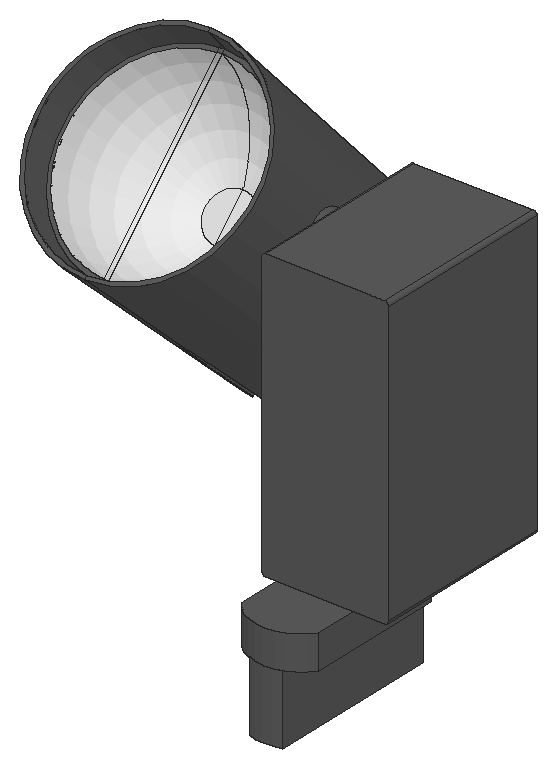
Revit family "0004948 Feilo Sylvania Lighting Fixture START TRACK SPOT S DALI 1352LM 940 WB BLK", category Lighting Fixtures, host Face, Revit 2017
Family settings
  Host = Face
  Round Connector Dimension = Use Diameter
  Part Type = Normal
  OmniClass Number = 23.80.70.00
  OmniClass Title = Lighting
  Cut with Voids When Loaded = No
  Light Source = No
  Shared = No
  Room Calculation Point = No
Parameters (values of type "0004948 START TRACK SPOT S DALI 1352LM 940 WB BLK")
  Weight = "0.94 kg"
  Wattage Comments = ""
  WarrantyStartDate [instance] = "n/a"
  WarrantyGuarantorParts = "n/a"
  WarrantyDurationUnit = "n/a"
  WarrantyDurationParts = "n/a"
  WarrantyDescription = "n/a"
  Voltage = 230 V
  URL = "http://www.sylvania-lighting.com/"
  TypeName = "START TRACK SPOT S DALI 1352LM 940 WB BLK"
  TypeHead_FEILO = Start Track Spot Head : 0004897 START TRACK SPOT S 14W 4K RA90 WB BLACK
  TypeBox_FEILO = Start Track Spot Box : Type Small Black
  Type Image = <None>
  Type Comments = "n/a"
  VerticalRotation_FEILO [instance] = 0.00°
  SlideEndAngle_FEILO [instance] = VerticalRotation_FEILO + 180.00°  # 180.00°
  SerialNumber [instance] = "n/a"
  Material_3_FEILO = none
  PowerFactor = 0.92
  PowerConsumption = "14 W"
  NominalLength = 0 mm
  NominalHeight = 200 mm
  NominalDepth = 140 mm
  Name = "START TRACK SPOT S DALI 1352LM 940 WB BLK"
  ModelReference = Name  # "START TRACK SPOT S DALI 1352LM 940 WB BLK"
  ModelNumber = "0004948"
  Model = Name  # "START TRACK SPOT S DALI 1352LM 940 WB BLK"
  Material = "adc12 aluminium housing, polycarbonate diffuser"
  ManufacturerName = "Feilo Sylvania"
  Manufacturer = "Feilo Sylvania"
  LuminousEfficacy = "97 lm/W"
  LuminaireType = ""
  LightOutputRatio = "100"
  LampsType = Lamp  # "LED"
  LampNominalLuminous = "1352 lm"
  LampMacAdamStep = "3"
  LampColourTemperature = "4000 K"
  LampColourRenderingIndex = "90"
  Lamp = "LED"
  Keynote = "16500"
  InstallationDate [instance] = "n/a"
  InputVoltage = "230-240V~"
  InputNominalFrequency = "50/60 Hz"
  IngressProtection = "IP20"
  ImpactProtectionIndex = "IK02"
  IfcExportType = "IfcLightFixtureType"
  IfcExportAs = "IfcLightFixtureType"
  HorizontalRotation_FEILO [instance] = 45.00°
  ExpectedLife = 50000
  ElectricShockClassification = "Class II"
  DurationUnit = "hours"
  DocumentationLiterature = "http://www.sylvania-lighting.com/product/en-int/products/0004897"
  DimmingControlOptions = "Dimmable"
  Material_2_FEILO = none
  Description = "Integrated LED spotlight, Textured Black - RAL9005, compact and minimalist design, ideal for retail applications, die-cast aluminium body, passive cooling heatsink. Beam angle: 64°, color temperature: 4000K , total system power: 14W, total fixture output: 1352 lm, LOR: 100%, colour rendering: Ra: 90 typical, LED Chromaticity: 3 step MacAdam ellipse, lifetime: >50000 hours at L70B50, energy class: A++, A+, A, IR/UV free light source without heat radiation, operating voltage: 220-240V / 50-60Hz, drive current: 350mA, electronic driver, non-dimmable, power factor: 0.92, electrical protection: Class II, Global Track 3 Phase adapter suitable for Global trac 3-circuit tracks, ingress protection rating: IP20, suitable for internal environment only, horizontal rotation: 355°, vertical tilt: 90°, dimensions: Ø86x140x200, weight: 0.940kg."
  Default Elevation = 1219.2 mm
  CreatedOn = "04/26/2018"
  CreatedBy = ""
  Cost = 0
  built-in parameter 1114216 [instance] = (empty or 0)
  ClassificationValue = "EF_70_80"
  ClassificationName = "Uniclass2015"
  Material_1_FEILO = Body-Sylvania-StartTrackSpot-Black
  BarCode [instance] = "n/a"
  AssetType = "Fixed"
  AssetIdentifier [instance] = "n/a"
  Assembly Code = "D5020200"
  Apparent Load = 14 VA
  Material_4_FEILO = none
Reference planes
  plane 1 "Center (Front/Back)": y = 0
  plane 2: z = 0
  plane 3 "Center (Left/Right)": x = 0
  plane 4: x = 15
  plane 5: x = -15
  plane 6: y = 35
  plane 7: y = -35
  plane 8: z = 13
  plane 9: z = -27
  plane 10: x = 6.5
  plane 11: x = -6.5
  plane 12: y = 27
  plane 13: y = -27
  plane 14: y = 20
Forms (mm)
  Extrusion 1, solid, material "Body-Sylvania-StartTrackSpot-Black" <- "Material_1_FEILO"
    sketch origin (0, 0, 0) x (1, 0, 0) y (0, 1, 0)
      loop
        line (-15, 27) -> (-15, -27)
        arc (-15, -27) -> (0, -35) -> (15, -27) r 18.062
        line (15, -27) -> (15, 27)
        arc (15, 27) -> (0, 35) -> (-15, 27) r 18.062
    from 0 to 13
  Extrusion 2, solid, material "Body-Sylvania-StartTrackSpot-Black" <- "Material_1_FEILO"
    sketch origin (0, 0, 0) x (1, 0, 0) y (0, 1, 0)
      loop
        arc (6.5, 33.79) -> (0, 35) -> (-6.5, 33.79) r 18.062
        line (-6.5, 33.79) -> (-6.5, -33.79)
        arc (-6.5, -33.79) -> (0, -35) -> (6.5, -33.79) r 18.062
        line (6.5, -33.79) -> (6.5, 33.79)
    from 0 to -27
  Revolve 3, solid, not visible
    sketch origin (1524, 20, 1219.2) x (1, 0, 0) y (0, 0, 1)
      loop
        line (-1524, -1206.2) -> (-1524, -1191.285) -> (-1530.5, -1191.285) -> (-1530.5, -1206.2) -> (-1524, -1206.2)
      axis (-1524, -1191.285) -> (-1524, -1206.2)
    angle from 0 <- "VerticalRotation_FEILO" to 180 <- "SlideEndAngle_FEILO"
Cuts and joins
  joined: Extrusion 1, Extrusion 2
Dimensions and locks
  equal spacing: plane 10, plane 3 "Center (Left/Right)", plane 11
  equal spacing: plane 4, plane 3 "Center (Left/Right)", plane 5
  locked: plane 8 to plane 2 at 13
  locked: plane 8 to plane 9 at 40
  equal spacing: plane 13, plane 1 "Center (Front/Back)", plane 12
  locked: plane 12 to plane 6 at 8
  locked: plane 14 to plane 6 at 15
  locked: Revolve 3 sketch curve to plane 8 at 14.915
  aligned and locked: plane 2 to host face
  aligned and locked: level to host face
  aligned and locked: plane 5 to Extrusion 1 sketch curve  (x2)
  aligned and locked: plane 12 to Extrusion 1 sketch curve
  aligned and locked: plane 13 to Extrusion 1 sketch curve
  aligned and locked: plane 4 to Extrusion 1 sketch curve
  aligned and locked: Extrusion 1 to plane 8
  aligned and locked: Extrusion 1 to level
  aligned and locked: Extrusion 2 sketch curve to Extrusion 1  (x2)
  aligned and locked: Extrusion 2 sketch curve to plane 11
  aligned and locked: plane 10 to Extrusion 2 sketch curve
  aligned and locked: plane 9 to Extrusion 2
  aligned and locked: level to Extrusion 2
  aligned and locked: Revolve 3 sketch curve to plane 3 "Center (Left/Right)"  (x2)
  aligned and locked: plane 11 to Revolve 3 sketch curve
  aligned and locked: Revolve 3 sketch curve to plane 8
Automatic sketch dimensions
  host sketch curve to host sketch curve = 2438.4 mm  (x2)
  Extrusion 1 sketch curve to plane 3 "Center (Left/Right)" = 0 mm  (x2)
  Extrusion 1 sketch curve to plane 13 = 10.062 mm
  plane 12 to Extrusion 1 sketch curve = 10.062 mm
  Revolve 3 sketch curve to plane 3 "Center (Left/Right)" = 0 mm
  plane 9 to Revolve 3 sketch curve = 582.6 mm
  Revolve 3 sketch curve to Revolve 3 sketch curve = 2581.144 mm
Nested families
  nested 1: "Start Track Spot Head" at (-62, 20, 112.529) x (0, 0.7071, 0.7071) z (0, 0.7071, -0.7071), type <- "TypeHead_FEILO", type "0004897 START TRACK SPOT S 14W 4K RA90 WB BLACK"
    with built-in parameter 1114216 (empty or 0)
  nested 2: "Start Track Spot Box" at (8.5, 20, 73) x (-1, 0, 0) z (0, -1, 0), BoxStartAngle_FEILO <- "HorizontalRotation_FEILO", type <- "TypeBox_FEILO", type "Type Small Black"
    with BoxStartAngle_FEILO 45.00°, BoxEndAngle_FEILO -135.00°
Connectors
  electrical at (0, 0, 0), driven by "Apparent Load", driven by "PowerFactor", driven by "Voltage"
    settings: index 1, voltage 230 V, apparent load 14 VA, apparent load phase1 0 VA, apparent load phase2 0 VA, apparent load phase3 0 VA, power factor 0.92, load classification "Lighting", number of poles 1, system type 30, power factor state 1, is connector primary yes, connector utility no, sub classification motor no, connector description ""
Definition of nested family "Start Track Spot Head"
  Parameters (values of type "0004811 START TRACK SPOT S 14W 3K RA80 NB WHITE")
    Wattage Comments = "n/a"
    Wattage = 14 W
    built-in parameter 1150110 = 1 (stored number, unit not read)
    URL = "http://www.feilosylvania.com"
    Type Image = (empty or 0)
    Type Comments = "n/a"
    built-in parameter 1114217 = 1 (stored number, unit not read)
    Tilt Angle = -90.00°
    built-in parameter 1150109 = 1 (stored number, unit not read)
    built-in parameter 1150134 = (empty or 0)
    built-in parameter 1150113 = 1 (stored number, unit not read)
    Photometric Web File = "0004811.ies"
    Material_3_FEILO = none
    Model = "START TRACK SPOT S 14W 3K RA80 NB WHITE"
    Manufacturer = "Feilo Sylvania"
    built-in parameter 1150105 = 123.66 (stored number, unit not read)
    Lumens = 1554 lm
    built-in parameter 1150115 = 1 (stored number, unit not read)
    built-in parameter 1150137 = (empty or 0)
    built-in parameter 1150139 = (empty or 0)
    built-in parameter 1150112 = 1 (stored number, unit not read)
    built-in parameter 1150114 = 1 (stored number, unit not read)
    Lamp = "LED"
    Keynote = "16500"
    Material_2_FEILO = none
    built-in parameter 1150132 = (empty or 0)
    built-in parameter 1150102 = (empty or 0)
    built-in parameter 1150107 = 3000 (stored number, unit not read)
    built-in parameter 1150138 = (empty or 0)
    built-in parameter 1150106 = 1.2366 (stored number, unit not read)
    HeadThickness_FEILO = if(HeadDiaOut_FEILO > 112 mm, 2 mm, 1.5 mm)  # 1.5 mm
    HeadRibOffset_FEILO = HeadHeight_FEILO / 28  # 4.179 mm
    HeadRibDepth_FEILO = HeadHeight_FEILO / 2.1  # 55.714 mm
    HeadRibCutWidth_FEILO = HeadDiaOut_FEILO / 12  # 7.167 mm
    HeadRibCutOffset_FEILO = HeadHeight_FEILO / 2.3  # 50.87 mm
    HeadReflectorRadius_FEILO = HeadDiaOut_FEILO / 1.7  # 50.588 mm
    HeadReflectorOffset_FEILO = HeadHeight_FEILO / 2.1  # 55.714 mm
    HeadLEDRadius_FEILO = HeadDiaOut_FEILO / 9  # 9.556 mm
    HeadHeight_FEILO = 117 mm
    HeadDraft_FEILO = 1 mm
    HeadDiffusorThickness_FEILO = 3 mm
    HeadDiffusorOffset_FEILO = HeadHeight_FEILO / 12.4  # 9.435 mm
    HeadDiaOut_FEILO = 86 mm
    HeadDiaIn_FEILO = HeadDiaOut_FEILO / 1.11  # 77.477 mm
    HeadAxisFromTop_FEILO = HeadHeight_FEILO / 1.687  # 69.354 mm
    Emit from Circle Diameter = HeadDiaIn_FEILO  # 77.477 mm
    Emit Shape Visible in Rendering = no
    built-in parameter 1150104 = 10.312 (stored number, unit not read)
    Dimming Lamp Color Temperature Shift = (empty or 0)
    Description = "Integrated LED spotlight, Textured White - RAL9016, compact and minimalist design, ideal for retail applications, die-cast aluminium body, passive cooling heatsink. Beam angle: 12°, color temperature: 3000K , total system power: 14W, total fixture output: 1551 lm, LOR: 100%, colour rendering: Ra: 80 typical, LED Chromaticity: 3 step MacAdam ellipse, lifetime: >50000 hours at L70B50, energy class: A++, A+, A, IR/UV free light source without heat radiation, operating voltage: 220-240V / 50-60Hz, drive current: 350mA, electronic driver, non-dimmable, power factor: 0.92, electrical protection: Class II, Global Track 3 Phase adapter suitable for Global trac 3-circuit tracks, ingress protection rating: IP20, suitable for internal environment only, horizontal rotation: 355°, vertical tilt: 90°, dimensions: Ø86x140x200, weight: 0.940kg."
    Default Elevation = 1219.2 mm
    Cost = 0
    Color Filter = 16777215
    built-in parameter 1114216 [instance] = (empty or 0)
    Material_1_FEILO = none
    built-in parameter 1114218 = 1 (stored number, unit not read)
    built-in parameter 1150133 = 10 (stored number, unit not read)
    Assembly Code = "D5020200"
    Apparent Load = 14 VA
    Material_4_FEILO = none
  Types (96, lengths in mm): name | Wattage | built-in parameter 1150134 | Photometric Web File | Model | built-in parameter 1150105 | Lumens | built-in parameter 1150107 | built-in parameter 1150106 | HeadThickness_FEILO | HeadRibOffset_FEILO | HeadRibDepth_FEILO | HeadRibCutWidth_FEILO | HeadRibCutOffset_FEILO | HeadReflectorRadius_FEILO | HeadReflectorOffset_FEILO | HeadLEDRadius_FEILO | HeadHeight_FEILO | HeadDiffusorOffset_FEILO | HeadDiaOut_FEILO | HeadDiaIn_FEILO | HeadAxisFromTop_FEILO | Emit from Circle Diameter | built-in parameter 1150104 | Description | Apparent Load
    0004906 START TRACK SPOT L 55W 4K RA90 WB BLACK | 55 W | 12 | "0004906.ies" | "START TRACK SPOT L 55W 4K RA90 WB BLACK" | 385.15 (stored number, unit not read) | 4840 lm | 4000 (stored number, unit not read) | 3.8515 (stored number, unit not read) | 2 | 4.429 | 59.048 | 9.417 | 53.913 | 66.471 | 59.048 | 12.556 | 124 | 10 | 113 | 101.802 | 73.503 | 101.802 | 8.1755 (stored number, unit not read) | "Integrated LED spotlight, Textured Black - RAL9005, compact and minimalist design, ideal for retail applications, die-cast aluminium body, passive cooling heatsink. Beam angle: 52°, color temperature: 4000K , total system power: 55W, total fixture output: 4824 lm, LOR: 100%, colour rendering: Ra: 90 typical, LED Chromaticity: 3 step MacAdam ellipse, lifetime: >50000 hours at L70B50, energy class: A++, A+, A, IR/UV free light source without heat radiation, operating voltage: 220-240V / 50-60Hz, drive current: 1400mA, electronic driver, non-dimmable, power factor: 0.96, electrical protection: Class II, Global Track 3 Phase adapter suitable for Global trac 3-circuit tracks, ingress protection rating: IP20, suitable for internal environment only, horizontal rotation: 355°, vertical tilt: 90°, dimensions: Ø113x164x240, weight: 1.398kg." | 55 VA
    0004905 START TRACK SPOT L 55W 4K RA90 MB BLACK | 55 W | 12 | "0004905.ies" | "START TRACK SPOT L 55W 4K RA90 MB BLACK" | 389.53 (stored number, unit not read) | 4895 lm | 4000 (stored number, unit not read) | 3.8953 (stored number, unit not read) | 2 | 4.429 | 59.048 | 9.417 | 53.913 | 66.471 | 59.048 | 12.556 | 124 | 10 | 113 | 101.802 | 73.503 | 101.802 | 8.2684 (stored number, unit not read) | "Integrated LED spotlight, Textured Black - RAL9005, compact and minimalist design, ideal for retail applications, die-cast aluminium body, passive cooling heatsink. Beam angle: 38°, color temperature: 4000K , total system power: 55W, total fixture output: 4897 lm, LOR: 100%, colour rendering: Ra: 90 typical, LED Chromaticity: 3 step MacAdam ellipse, lifetime: >50000 hours at L70B50, energy class: A++, A+, A, IR/UV free light source without heat radiation, operating voltage: 220-240V / 50-60Hz, drive current: 1400mA, electronic driver, non-dimmable, power factor: 0.96, electrical protection: Class II, Global Track 3 Phase adapter suitable for Global trac 3-circuit tracks, ingress protection rating: IP20, suitable for internal environment only, horizontal rotation: 355°, vertical tilt: 90°, dimensions: Ø113x164x240, weight: 1.398kg." | 55 VA
    0004904 START TRACK SPOT L 55W 4K RA90 NB BLACK | 55 W | 12 | "0004904.ies" | "START TRACK SPOT L 55W 4K RA90 NB BLACK" | 393.91 (stored number, unit not read) | 4950 lm | 4000 (stored number, unit not read) | 3.9391 (stored number, unit not read) | 2 | 4.429 | 59.048 | 9.417 | 53.913 | 66.471 | 59.048 | 12.556 | 124 | 10 | 113 | 101.802 | 73.503 | 101.802 | 8.3613 (stored number, unit not read) | "Integrated LED spotlight, Textured Black - RAL9005, compact and minimalist design, ideal for retail applications, die-cast aluminium body, passive cooling heatsink. Beam angle: 15°, color temperature: 4000K , total system power: 55W, total fixture output: 4965 lm, LOR: 100%, colour rendering: Ra: 90 typical, LED Chromaticity: 3 step MacAdam ellipse, lifetime: >50000 hours at L70B50, energy class: A++, A+, A, IR/UV free light source without heat radiation, operating voltage: 220-240V / 50-60Hz, drive current: 1400mA, electronic driver, non-dimmable, power factor: 0.96, electrical protection: Class II, Global Track 3 Phase adapter suitable for Global trac 3-circuit tracks, ingress protection rating: IP20, suitable for internal environment only, horizontal rotation: 355°, vertical tilt: 90°, dimensions: Ø113x164x240, weight: 1.398kg." | 55 VA
    0004903 START TRACK SPOT L 35W 4K RA90 WB BLACK | 35 W | 12 | "0004903.ies" | "START TRACK SPOT L 35W 4K RA90 WB BLACK" | 284.09 (stored number, unit not read) | 3570 lm | 4000 (stored number, unit not read) | 2.8409 (stored number, unit not read) | 2 | 4.429 | 59.048 | 9.417 | 53.913 | 66.471 | 59.048 | 12.556 | 124 | 10 | 113 | 101.802 | 73.503 | 101.802 | 9.4761 (stored number, unit not read) | "Integrated LED spotlight, Textured Black - RAL9005, compact and minimalist design, ideal for retail applications, die-cast aluminium body, passive cooling heatsink. Beam angle: 52°, color temperature: 4000K , total system power: 35W, total fixture output: 3562 lm, LOR: 100%, colour rendering: Ra: 90 typical, LED Chromaticity: 3 step MacAdam ellipse, lifetime: >50000 hours at L70B50, energy class: A++, A+, A, IR/UV free light source without heat radiation, operating voltage: 220-240V / 50-60Hz, drive current: 900mA, electronic driver, non-dimmable, power factor: 0.93, electrical protection: Class II, Global Track 3 Phase adapter suitable for Global trac 3-circuit tracks, ingress protection rating: IP20, suitable for internal environment only, horizontal rotation: 355°, vertical tilt: 90°, dimensions: Ø113x164x240, weight: 1.368kg." | 35 VA
    0004902 START TRACK SPOT L 35W 4K RA90 MB BLACK | 35 W | 12 | "0004902.ies" | "START TRACK SPOT L 35W 4K RA90 MB BLACK" | 286.88 (stored number, unit not read) | 3605 lm | 4000 (stored number, unit not read) | 2.8688 (stored number, unit not read) | 2 | 4.429 | 59.048 | 9.417 | 53.913 | 66.471 | 59.048 | 12.556 | 124 | 10 | 113 | 101.802 | 73.503 | 101.802 | 9.569 (stored number, unit not read) | "Integrated LED spotlight, Textured Black - RAL9005, compact and minimalist design, ideal for retail applications, die-cast aluminium body, passive cooling heatsink. Beam angle: 38°, color temperature: 4000K , total system power: 35W, total fixture output: 3616 lm, LOR: 100%, colour rendering: Ra: 90 typical, LED Chromaticity: 3 step MacAdam ellipse, lifetime: >50000 hours at L70B50, energy class: A++, A+, A, IR/UV free light source without heat radiation, operating voltage: 220-240V / 50-60Hz, drive current: 900mA, electronic driver, non-dimmable, power factor: 0.93, electrical protection: Class II, Global Track 3 Phase adapter suitable for Global trac 3-circuit tracks, ingress protection rating: IP20, suitable for internal environment only, horizontal rotation: 355°, vertical tilt: 90°, dimensions: Ø113x164x240, weight: 1.368kg." | 35 VA
    0004901 START TRACK SPOT L 35W 4K RA90 NB BLACK | 35 W | 12 | "0004901.ies" | "START TRACK SPOT L 35W 4K RA90 NB BLACK" | 286.88 (stored number, unit not read) | 3605 lm | 4000 (stored number, unit not read) | 2.8688 (stored number, unit not read) | 2 | 4.429 | 59.048 | 9.417 | 53.913 | 66.471 | 59.048 | 12.556 | 124 | 10 | 113 | 101.802 | 73.503 | 101.802 | 9.569 (stored number, unit not read) | "Integrated LED spotlight, Textured Black - RAL9005, compact and minimalist design, ideal for retail applications, die-cast aluminium body, passive cooling heatsink. Beam angle: 15°, color temperature: 4000K , total system power: 35W, total fixture output: 3593 lm, LOR: 100%, colour rendering: Ra: 90 typical, LED Chromaticity: 3 step MacAdam ellipse, lifetime: >50000 hours at L70B50, energy class: A++, A+, A, IR/UV free light source without heat radiation, operating voltage: 220-240V / 50-60Hz, drive current: 900mA, electronic driver, non-dimmable, power factor: 0.93, electrical protection: Class II, Global Track 3 Phase adapter suitable for Global trac 3-circuit tracks, ingress protection rating: IP20, suitable for internal environment only, horizontal rotation: 355°, vertical tilt: 90°, dimensions: Ø113x164x240, weight: 1.368kg." | 35 VA
    0004900 START TRACK SPOT S 24W 4K RA90 WB BLACK | 24 W | 12 | "0004900.ies" | "START TRACK SPOT S 24W 4K RA90 WB BLACK" | 166.16 (stored number, unit not read) | 2088 lm | 4000 (stored number, unit not read) | 1.6616 (stored number, unit not read) | 1.5 | 4.179 | 55.714 | 7.167 | 50.87 | 50.588 | 55.714 | 9.556 | 117 | 9.435 | 86 | 77.477 | 69.354 | 77.477 | 8.0826 (stored number, unit not read) | "Integrated LED spotlight, Textured Black - RAL9005, compact and minimalist design, ideal for retail applications, die-cast aluminium body, passive cooling heatsink. Beam angle: 64°, color temperature: 4000K , total system power: 24W, total fixture output: 2087 lm, LOR: 100%, colour rendering: Ra: 90 typical, LED Chromaticity: 3 step MacAdam ellipse, lifetime: >50000 hours at L70B50, energy class: A++, A+, A, IR/UV free light source without heat radiation, operating voltage: 220-240V / 50-60Hz, drive current: 600mA, electronic driver, non-dimmable, power factor: 0.95, electrical protection: Class II, Global Track 3 Phase adapter suitable for Global trac 3-circuit tracks, ingress protection rating: IP20, suitable for internal environment only, horizontal rotation: 355°, vertical tilt: 90°, dimensions: Ø86x140x200, weight: 0.966kg." | 24 VA
    0004899 START TRACK SPOT S 24W 4K RA90 MB BLACK | 24 W | 12 | "0004899.ies" | "START TRACK SPOT S 24W 4K RA90 MB BLACK" | 169.98 (stored number, unit not read) | 2136 lm | 4000 (stored number, unit not read) | 1.6998 (stored number, unit not read) | 1.5 | 4.179 | 55.714 | 7.167 | 50.87 | 50.588 | 55.714 | 9.556 | 117 | 9.435 | 86 | 77.477 | 69.354 | 77.477 | 8.2684 (stored number, unit not read) | "Integrated LED spotlight, Textured Black - RAL9005, compact and minimalist design, ideal for retail applications, die-cast aluminium body, passive cooling heatsink. Beam angle: 36°, color temperature: 4000K , total system power: 24W, total fixture output: 2141 lm, LOR: 100%, colour rendering: Ra: 90 typical, LED Chromaticity: 3 step MacAdam ellipse, lifetime: >50000 hours at L70B50, energy class: A++, A+, A, IR/UV free light source without heat radiation, operating voltage: 220-240V / 50-60Hz, drive current: 600mA, electronic driver, non-dimmable, power factor: 0.95, electrical protection: Class II, Global Track 3 Phase adapter suitable for Global trac 3-circuit tracks, ingress protection rating: IP20, suitable for internal environment only, horizontal rotation: 355°, vertical tilt: 90°, dimensions: Ø86x140x200, weight: 0.966kg." | 24 VA
    0004898 START TRACK SPOT S 24W 4K RA90 NB BLACK | 24 W | 12 | "0004898.ies" | "START TRACK SPOT S 24W 4K RA90 NB BLACK" | 171.89 (stored number, unit not read) | 2160 lm | 4000 (stored number, unit not read) | 1.7189 (stored number, unit not read) | 1.5 | 4.179 | 55.714 | 7.167 | 50.87 | 50.588 | 55.714 | 9.556 | 117 | 9.435 | 86 | 77.477 | 69.354 | 77.477 | 8.3613 (stored number, unit not read) | "Integrated LED spotlight, Textured Black - RAL9005, compact and minimalist design, ideal for retail applications, die-cast aluminium body, passive cooling heatsink. Beam angle: 12°, color temperature: 4000K , total system power: 24W, total fixture output: 2155 lm, LOR: 100%, colour rendering: Ra: 90 typical, LED Chromaticity: 3 step MacAdam ellipse, lifetime: >50000 hours at L70B50, energy class: A++, A+, A, IR/UV free light source without heat radiation, operating voltage: 220-240V / 50-60Hz, drive current: 600mA, electronic driver, non-dimmable, power factor: 0.95, electrical protection: Class II, Global Track 3 Phase adapter suitable for Global trac 3-circuit tracks, ingress protection rating: IP20, suitable for internal environment only, horizontal rotation: 355°, vertical tilt: 90°, dimensions: Ø86x140x200, weight: 0.966kg." | 24 VA
    0004897 START TRACK SPOT S 14W 4K RA90 WB BLACK | 14 W | 12 | "0004897.ies" | "START TRACK SPOT S 14W 4K RA90 WB BLACK" | 108.07 (stored number, unit not read) | 1358 lm | 4000 (stored number, unit not read) | 1.0807 (stored number, unit not read) | 1.5 | 4.179 | 55.714 | 7.167 | 50.87 | 50.588 | 55.714 | 9.556 | 117 | 9.435 | 86 | 77.477 | 69.354 | 77.477 | 9.0116 (stored number, unit not read) | "Integrated LED spotlight, Textured Black - RAL9005, compact and minimalist design, ideal for retail applications, die-cast aluminium body, passive cooling heatsink. Beam angle: 64°, color temperature: 4000K , total system power: 14W, total fixture output: 1352 lm, LOR: 100%, colour rendering: Ra: 90 typical, LED Chromaticity: 3 step MacAdam ellipse, lifetime: >50000 hours at L70B50, energy class: A++, A+, A, IR/UV free light source without heat radiation, operating voltage: 220-240V / 50-60Hz, drive current: 350mA, electronic driver, non-dimmable, power factor: 0.92, electrical protection: Class II, Global Track 3 Phase adapter suitable for Global trac 3-circuit tracks, ingress protection rating: IP20, suitable for internal environment only, horizontal rotation: 355°, vertical tilt: 90°, dimensions: Ø86x140x200, weight: 0.940kg." | 14 VA
    0004896 START TRACK SPOT S 14W 4K RA90 MB BLACK | 14 W | 12 | "0004896.ies" | "START TRACK SPOT S 14W 4K RA90 MB BLACK" | 108.07 (stored number, unit not read) | 1358 lm | 4000 (stored number, unit not read) | 1.0807 (stored number, unit not read) | 1.5 | 4.179 | 55.714 | 7.167 | 50.87 | 50.588 | 55.714 | 9.556 | 117 | 9.435 | 86 | 77.477 | 69.354 | 77.477 | 9.0116 (stored number, unit not read) | "Integrated LED spotlight, Textured Black - RAL9005, compact and minimalist design, ideal for retail applications, die-cast aluminium body, passive cooling heatsink. Beam angle: 36°, color temperature: 4000K , total system power: 14W, total fixture output: 1359 lm, LOR: 100%, colour rendering: Ra: 90 typical, LED Chromaticity: 3 step MacAdam ellipse, lifetime: >50000 hours at L70B50, energy class: A++, A+, A, IR/UV free light source without heat radiation, operating voltage: 220-240V / 50-60Hz, drive current: 350mA, electronic driver, non-dimmable, power factor: 0.92, electrical protection: Class II, Global Track 3 Phase adapter suitable for Global trac 3-circuit tracks, ingress protection rating: IP20, suitable for internal environment only, horizontal rotation: 355°, vertical tilt: 90°, dimensions: Ø86x140x200, weight: 0.940kg." | 14 VA
    0004895 START TRACK SPOT S 14W 4K RA90 NB BLACK | 14 W | 12 | "0004895.ies" | "START TRACK SPOT S 14W 4K RA90 NB BLACK" | 106.95 (stored number, unit not read) | 1344 lm | 4000 (stored number, unit not read) | 1.0695 (stored number, unit not read) | 1.5 | 4.179 | 55.714 | 7.167 | 50.87 | 50.588 | 55.714 | 9.556 | 117 | 9.435 | 86 | 77.477 | 69.354 | 77.477 | 8.9187 (stored number, unit not read) | "Integrated LED spotlight, Textured Black - RAL9005, compact and minimalist design, ideal for retail applications, die-cast aluminium body, passive cooling heatsink. Beam angle: 12°, color temperature: 4000K , total system power: 14W, total fixture output: 1349 lm, LOR: 100%, colour rendering: Ra: 90 typical, LED Chromaticity: 3 step MacAdam ellipse, lifetime: >50000 hours at L70B50, energy class: A++, A+, A, IR/UV free light source without heat radiation, operating voltage: 220-240V / 50-60Hz, drive current: 350mA, electronic driver, non-dimmable, power factor: 0.92, electrical protection: Class II, Global Track 3 Phase adapter suitable for Global trac 3-circuit tracks, ingress protection rating: IP20, suitable for internal environment only, horizontal rotation: 355°, vertical tilt: 90°, dimensions: Ø86x140x200, weight: 0.940kg." | 14 VA
    0004894 START TRACK SPOT L 55W 3K RA90 WB BLACK | 55 W | (empty or 0) | "0004894.ies" | "START TRACK SPOT L 55W 3K RA90 WB BLACK" | 350.14 (stored number, unit not read) | 4400 lm | 3000 (stored number, unit not read) | 3.5014 (stored number, unit not read) | 2 | 4.429 | 59.048 | 9.417 | 53.913 | 66.471 | 59.048 | 12.556 | 124 | 10 | 113 | 101.802 | 73.503 | 101.802 | 7.4322 (stored number, unit not read) | "Integrated LED spotlight, Textured Black - RAL9005, compact and minimalist design, ideal for retail applications, die-cast aluminium body, passive cooling heatsink. Beam angle: 52°, color temperature: 3000K , total system power: 55W, total fixture output: 4405 lm, LOR: 100%, colour rendering: Ra: 90 typical, LED Chromaticity: 3 step MacAdam ellipse, lifetime: >50000 hours at L70B50, energy class: A++, A+, A, IR/UV free light source without heat radiation, operating voltage: 220-240V / 50-60Hz, drive current: 1400mA, electronic driver, non-dimmable, power factor: 0.96, electrical protection: Class II, Global Track 3 Phase adapter suitable for Global trac 3-circuit tracks, ingress protection rating: IP20, suitable for internal environment only, horizontal rotation: 355°, vertical tilt: 90°, dimensions: Ø113x164x240, weight: 1.398kg." | 55 VA
    0004893 START TRACK SPOT L 55W 3K RA90 MB BLACK | 55 W | (empty or 0) | "0004893.ies" | "START TRACK SPOT L 55W 3K RA90 MB BLACK" | 354.52 (stored number, unit not read) | 4455 lm | 3000 (stored number, unit not read) | 3.5452 (stored number, unit not read) | 2 | 4.429 | 59.048 | 9.417 | 53.913 | 66.471 | 59.048 | 12.556 | 124 | 10 | 113 | 101.802 | 73.503 | 101.802 | 7.5251 (stored number, unit not read) | "Integrated LED spotlight, Textured Black - RAL9005, compact and minimalist design, ideal for retail applications, die-cast aluminium body, passive cooling heatsink. Beam angle: 38°, color temperature: 3000K , total system power: 55W, total fixture output: 4448 lm, LOR: 100%, colour rendering: Ra: 90 typical, LED Chromaticity: 3 step MacAdam ellipse, lifetime: >50000 hours at L70B50, energy class: A++, A+, A, IR/UV free light source without heat radiation, operating voltage: 220-240V / 50-60Hz, drive current: 1400mA, electronic driver, non-dimmable, power factor: 0.96, electrical protection: Class II, Global Track 3 Phase adapter suitable for Global trac 3-circuit tracks, ingress protection rating: IP20, suitable for internal environment only, horizontal rotation: 355°, vertical tilt: 90°, dimensions: Ø113x164x240, weight: 1.398kg." | 55 VA
    0004892 START TRACK SPOT L 55W 3K RA90 NB BLACK | 55 W | (empty or 0) | "0004892.ies" | "START TRACK SPOT L 55W 3K RA90 NB BLACK" | 350.14 (stored number, unit not read) | 4400 lm | 3000 (stored number, unit not read) | 3.5014 (stored number, unit not read) | 2 | 4.429 | 59.048 | 9.417 | 53.913 | 66.471 | 59.048 | 12.556 | 124 | 10 | 113 | 101.802 | 73.503 | 101.802 | 7.4322 (stored number, unit not read) | "Integrated LED spotlight, Textured Black - RAL9005, compact and minimalist design, ideal for retail applications, die-cast aluminium body, passive cooling heatsink. Beam angle: 15°, color temperature: 3000K , total system power: 55W, total fixture output: 4416 lm, LOR: 100%, colour rendering: Ra: 90 typical, LED Chromaticity: 3 step MacAdam ellipse, lifetime: >50000 hours at L70B50, energy class: A++, A+, A, IR/UV free light source without heat radiation, operating voltage: 220-240V / 50-60Hz, drive current: 1400mA, electronic driver, non-dimmable, power factor: 0.96, electrical protection: Class II, Global Track 3 Phase adapter suitable for Global trac 3-circuit tracks, ingress protection rating: IP20, suitable for internal environment only, horizontal rotation: 355°, vertical tilt: 90°, dimensions: Ø113x164x240, weight: 1.398kg." | 55 VA
    0004891 START TRACK SPOT L 35W 3K RA90 WB BLACK | 35 W | (empty or 0) | "0004891.ies" | "START TRACK SPOT L 35W 3K RA90 WB BLACK" | 259.02 (stored number, unit not read) | 3255 lm | 3000 (stored number, unit not read) | 2.5902 (stored number, unit not read) | 2 | 4.429 | 59.048 | 9.417 | 53.913 | 66.471 | 59.048 | 12.556 | 124 | 10 | 113 | 101.802 | 73.503 | 101.802 | 8.64 (stored number, unit not read) | "Integrated LED spotlight, Textured Black - RAL9005, compact and minimalist design, ideal for retail applications, die-cast aluminium body, passive cooling heatsink. Beam angle: 52°, color temperature: 3000K , total system power: 35W, total fixture output: 3260 lm, LOR: 100%, colour rendering: Ra: 90 typical, LED Chromaticity: 3 step MacAdam ellipse, lifetime: >50000 hours at L70B50, energy class: A++, A+, A, IR/UV free light source without heat radiation, operating voltage: 220-240V / 50-60Hz, drive current: 900mA, electronic driver, non-dimmable, power factor: 0.93, electrical protection: Class II, Global Track 3 Phase adapter suitable for Global trac 3-circuit tracks, ingress protection rating: IP20, suitable for internal environment only, horizontal rotation: 355°, vertical tilt: 90°, dimensions: Ø113x164x240, weight: 1.368kg." | 35 VA
    0004890 START TRACK SPOT L 35W 3K RA90 MB BLACK | 35 W | (empty or 0) | "0004890.ies" | "START TRACK SPOT L 35W 3K RA90 MB BLACK" | 261.81 (stored number, unit not read) | 3290 lm | 3000 (stored number, unit not read) | 2.6181 (stored number, unit not read) | 2 | 4.429 | 59.048 | 9.417 | 53.913 | 66.471 | 59.048 | 12.556 | 124 | 10 | 113 | 101.802 | 73.503 | 101.802 | 8.7329 (stored number, unit not read) | "Integrated LED spotlight, Textured Black - RAL9005, compact and minimalist design, ideal for retail applications, die-cast aluminium body, passive cooling heatsink. Beam angle: 38°, color temperature: 3000K , total system power: 35W, total fixture output: 3306 lm, LOR: 100%, colour rendering: Ra: 90 typical, LED Chromaticity: 3 step MacAdam ellipse, lifetime: >50000 hours at L70B50, energy class: A++, A+, A, IR/UV free light source without heat radiation, operating voltage: 220-240V / 50-60Hz, drive current: 900mA, electronic driver, non-dimmable, power factor: 0.93, electrical protection: Class II, Global Track 3 Phase adapter suitable for Global trac 3-circuit tracks, ingress protection rating: IP20, suitable for internal environment only, horizontal rotation: 355°, vertical tilt: 90°, dimensions: Ø113x164x240, weight: 1.368kg." | 35 VA
    0004889 START TRACK SPOT L 35W 3K RA90 NB BLACK | 35 W | (empty or 0) | "0004889.ies" | "START TRACK SPOT L 35W 3K RA90 NB BLACK" | 261.81 (stored number, unit not read) | 3290 lm | 3000 (stored number, unit not read) | 2.6181 (stored number, unit not read) | 2 | 4.429 | 59.048 | 9.417 | 53.913 | 66.471 | 59.048 | 12.556 | 124 | 10 | 113 | 101.802 | 73.503 | 101.802 | 8.7329 (stored number, unit not read) | "Integrated LED spotlight, Textured Black - RAL9005, compact and minimalist design, ideal for retail applications, die-cast aluminium body, passive cooling heatsink. Beam angle: 15°, color temperature: 3000K , total system power: 35W, total fixture output: 3287 lm, LOR: 100%, colour rendering: Ra: 90 typical, LED Chromaticity: 3 step MacAdam ellipse, lifetime: >50000 hours at L70B50, energy class: A++, A+, A, IR/UV free light source without heat radiation, operating voltage: 220-240V / 50-60Hz, drive current: 900mA, electronic driver, non-dimmable, power factor: 0.93, electrical protection: Class II, Global Track 3 Phase adapter suitable for Global trac 3-circuit tracks, ingress protection rating: IP20, suitable for internal environment only, horizontal rotation: 355°, vertical tilt: 90°, dimensions: Ø113x164x240, weight: 1.368kg." | 35 VA
    0004888 START TRACK SPOT S 24W 3K RA90 WB BLACK | 24 W | (empty or 0) | "0004888.ies" | "START TRACK SPOT S 24W 3K RA90 WB BLACK" | 152.79 (stored number, unit not read) | 1920 lm | 3000 (stored number, unit not read) | 1.5279 (stored number, unit not read) | 1.5 | 4.179 | 55.714 | 7.167 | 50.87 | 50.588 | 55.714 | 9.556 | 117 | 9.435 | 86 | 77.477 | 69.354 | 77.477 | 7.4322 (stored number, unit not read) | "Integrated LED spotlight, Textured Black - RAL9005, compact and minimalist design, ideal for retail applications, die-cast aluminium body, passive cooling heatsink. Beam angle: 64°, color temperature: 3000K , total system power: 24W, total fixture output: 1928 lm, LOR: 100%, colour rendering: Ra: 90 typical, LED Chromaticity: 3 step MacAdam ellipse, lifetime: >50000 hours at L70B50, energy class: A++, A+, A, IR/UV free light source without heat radiation, operating voltage: 220-240V / 50-60Hz, drive current: 600mA, electronic driver, non-dimmable, power factor: 0.95, electrical protection: Class II, Global Track 3 Phase adapter suitable for Global trac 3-circuit tracks, ingress protection rating: IP20, suitable for internal environment only, horizontal rotation: 355°, vertical tilt: 90°, dimensions: Ø86x140x200, weight: 0.966kg." | 24 VA
    0004887 START TRACK SPOT S 24W 3K RA90 MB BLACK | 24 W | (empty or 0) | "0004887.ies" | "START TRACK SPOT S 24W 3K RA90 MB BLACK" | 154.7 (stored number, unit not read) | 1944 lm | 3000 (stored number, unit not read) | 1.547 (stored number, unit not read) | 1.5 | 4.179 | 55.714 | 7.167 | 50.87 | 50.588 | 55.714 | 9.556 | 117 | 9.435 | 86 | 77.477 | 69.354 | 77.477 | 7.5251 (stored number, unit not read) | "Integrated LED spotlight, Textured Black - RAL9005, compact and minimalist design, ideal for retail applications, die-cast aluminium body, passive cooling heatsink. Beam angle: 36°, color temperature: 3000K , total system power: 24W, total fixture output: 1944 lm, LOR: 100%, colour rendering: Ra: 90 typical, LED Chromaticity: 3 step MacAdam ellipse, lifetime: >50000 hours at L70B50, energy class: A++, A+, A, IR/UV free light source without heat radiation, operating voltage: 220-240V / 50-60Hz, drive current: 600mA, electronic driver, non-dimmable, power factor: 0.95, electrical protection: Class II, Global Track 3 Phase adapter suitable for Global trac 3-circuit tracks, ingress protection rating: IP20, suitable for internal environment only, horizontal rotation: 355°, vertical tilt: 90°, dimensions: Ø86x140x200, weight: 0.966kg." | 24 VA
    0004886 START TRACK SPOT S 24W 3K RA90 NB BLACK | 24 W | (empty or 0) | "0004886.ies" | "START TRACK SPOT S 24W 3K RA90 NB BLACK" | 158.52 (stored number, unit not read) | 1992 lm | 3000 (stored number, unit not read) | 1.5852 (stored number, unit not read) | 1.5 | 4.179 | 55.714 | 7.167 | 50.87 | 50.588 | 55.714 | 9.556 | 117 | 9.435 | 86 | 77.477 | 69.354 | 77.477 | 7.711 (stored number, unit not read) | "Integrated LED spotlight, Textured Black - RAL9005, compact and minimalist design, ideal for retail applications, die-cast aluminium body, passive cooling heatsink. Beam angle: 12°, color temperature: 3000K , total system power: 24W, total fixture output: 1987 lm, LOR: 100%, colour rendering: Ra: 90 typical, LED Chromaticity: 3 step MacAdam ellipse, lifetime: >50000 hours at L70B50, energy class: A++, A+, A, IR/UV free light source without heat radiation, operating voltage: 220-240V / 50-60Hz, drive current: 600mA, electronic driver, non-dimmable, power factor: 0.95, electrical protection: Class II, Global Track 3 Phase adapter suitable for Global trac 3-circuit tracks, ingress protection rating: IP20, suitable for internal environment only, horizontal rotation: 355°, vertical tilt: 90°, dimensions: Ø86x140x200, weight: 0.966kg." | 24 VA
    0004885 START TRACK SPOT S 14W 3K RA90 WB BLACK | 14 W | (empty or 0) | "0004885.ies" | "START TRACK SPOT S 14W 3K RA90 WB BLACK" | 100.27 (stored number, unit not read) | 1260 lm | 3000 (stored number, unit not read) | 1.0027 (stored number, unit not read) | 1.5 | 4.179 | 55.714 | 7.167 | 50.87 | 50.588 | 55.714 | 9.556 | 117 | 9.435 | 86 | 77.477 | 69.354 | 77.477 | 8.3613 (stored number, unit not read) | "Integrated LED spotlight, Textured Black - RAL9005, compact and minimalist design, ideal for retail applications, die-cast aluminium body, passive cooling heatsink. Beam angle: 64°, color temperature: 3000K , total system power: 14W, total fixture output: 1262 lm, LOR: 100%, colour rendering: Ra: 90 typical, LED Chromaticity: 3 step MacAdam ellipse, lifetime: >50000 hours at L70B50, energy class: A++, A+, A, IR/UV free light source without heat radiation, operating voltage: 220-240V / 50-60Hz, drive current: 350mA, electronic driver, non-dimmable, power factor: 0.92, electrical protection: Class II, Global Track 3 Phase adapter suitable for Global trac 3-circuit tracks, ingress protection rating: IP20, suitable for internal environment only, horizontal rotation: 355°, vertical tilt: 90°, dimensions: Ø86x140x200, weight: 0.940kg." | 14 VA
    0004884 START TRACK SPOT S 14W 3K RA90 MB BLACK | 14 W | (empty or 0) | "0004884.ies" | "START TRACK SPOT S 14W 3K RA90 MB BLACK" | 100.27 (stored number, unit not read) | 1260 lm | 3000 (stored number, unit not read) | 1.0027 (stored number, unit not read) | 1.5 | 4.179 | 55.714 | 7.167 | 50.87 | 50.588 | 55.714 | 9.556 | 117 | 9.435 | 86 | 77.477 | 69.354 | 77.477 | 8.3613 (stored number, unit not read) | "Integrated LED spotlight, Textured Black - RAL9005, compact and minimalist design, ideal for retail applications, die-cast aluminium body, passive cooling heatsink. Beam angle: 36°, color temperature: 3000K , total system power: 14W, total fixture output: 1262 lm, LOR: 100%, colour rendering: Ra: 90 typical, LED Chromaticity: 3 step MacAdam ellipse, lifetime: >50000 hours at L70B50, energy class: A++, A+, A, IR/UV free light source without heat radiation, operating voltage: 220-240V / 50-60Hz, drive current: 350mA, electronic driver, non-dimmable, power factor: 0.92, electrical protection: Class II, Global Track 3 Phase adapter suitable for Global trac 3-circuit tracks, ingress protection rating: IP20, suitable for internal environment only, horizontal rotation: 355°, vertical tilt: 90°, dimensions: Ø86x140x200, weight: 0.940kg." | 14 VA
    0004883 START TRACK SPOT S 14W 3K RA90 NB BLACK | 14 W | (empty or 0) | "0004883.ies" | "START TRACK SPOT S 14W 3K RA90 NB BLACK" | 102.5 (stored number, unit not read) | 1288 lm | 3000 (stored number, unit not read) | 1.025 (stored number, unit not read) | 1.5 | 4.179 | 55.714 | 7.167 | 50.87 | 50.588 | 55.714 | 9.556 | 117 | 9.435 | 86 | 77.477 | 69.354 | 77.477 | 8.5471 (stored number, unit not read) | "Integrated LED spotlight, Textured Black - RAL9005, compact and minimalist design, ideal for retail applications, die-cast aluminium body, passive cooling heatsink. Beam angle: 12°, color temperature: 3000K , total system power: 14W, total fixture output: 1284 lm, LOR: 100%, colour rendering: Ra: 90 typical, LED Chromaticity: 3 step MacAdam ellipse, lifetime: >50000 hours at L70B50, energy class: A++, A+, A, IR/UV free light source without heat radiation, operating voltage: 220-240V / 50-60Hz, drive current: 350mA, electronic driver, non-dimmable, power factor: 0.92, electrical protection: Class II, Global Track 3 Phase adapter suitable for Global trac 3-circuit tracks, ingress protection rating: IP20, suitable for internal environment only, horizontal rotation: 355°, vertical tilt: 90°, dimensions: Ø86x140x200, weight: 0.940kg." | 14 VA
    0004882 START TRACK SPOT L 55W 4K RA90 WB WHITE | 55 W | 12 | "0004882.ies" | "START TRACK SPOT L 55W 4K RA90 WB WHITE" | 385.15 (stored number, unit not read) | 4840 lm | 4000 (stored number, unit not read) | 3.8515 (stored number, unit not read) | 2 | 4.429 | 59.048 | 9.417 | 53.913 | 66.471 | 59.048 | 12.556 | 124 | 10 | 113 | 101.802 | 73.503 | 101.802 | 8.1755 (stored number, unit not read) | "Integrated LED spotlight, Textured White - RAL9016, compact and minimalist design, ideal for retail applications, die-cast aluminium body, passive cooling heatsink. Beam angle: 52°, color temperature: 4000K , total system power: 55W, total fixture output: 4824 lm, LOR: 100%, colour rendering: Ra: 90 typical, LED Chromaticity: 3 step MacAdam ellipse, lifetime: >50000 hours at L70B50, energy class: A++, A+, A, IR/UV free light source without heat radiation, operating voltage: 220-240V / 50-60Hz, drive current: 1400mA, electronic driver, non-dimmable, power factor: 0.96, electrical protection: Class II, Global Track 3 Phase adapter suitable for Global trac 3-circuit tracks, ingress protection rating: IP20, suitable for internal environment only, horizontal rotation: 355°, vertical tilt: 90°, dimensions: Ø113x164x240, weight: 1.398kg." | 55 VA
    0004881 START TRACK SPOT L 55W 4K RA90 MB WHITE | 55 W | 12 | "0004881.ies" | "START TRACK SPOT L 55W 4K RA90 MB WHITE" | 389.53 (stored number, unit not read) | 4895 lm | 4000 (stored number, unit not read) | 3.8953 (stored number, unit not read) | 2 | 4.429 | 59.048 | 9.417 | 53.913 | 66.471 | 59.048 | 12.556 | 124 | 10 | 113 | 101.802 | 73.503 | 101.802 | 8.2684 (stored number, unit not read) | "Integrated LED spotlight, Textured White - RAL9016, compact and minimalist design, ideal for retail applications, die-cast aluminium body, passive cooling heatsink. Beam angle: 38°, color temperature: 4000K , total system power: 55W, total fixture output: 4897 lm, LOR: 100%, colour rendering: Ra: 90 typical, LED Chromaticity: 3 step MacAdam ellipse, lifetime: >50000 hours at L70B50, energy class: A++, A+, A, IR/UV free light source without heat radiation, operating voltage: 220-240V / 50-60Hz, drive current: 1400mA, electronic driver, non-dimmable, power factor: 0.96, electrical protection: Class II, Global Track 3 Phase adapter suitable for Global trac 3-circuit tracks, ingress protection rating: IP20, suitable for internal environment only, horizontal rotation: 355°, vertical tilt: 90°, dimensions: Ø113x164x240, weight: 1.398kg." | 55 VA
    0004880 START TRACK SPOT L 55W 4K RA90 NB WHITE | 55 W | 12 | "0004880.ies" | "START TRACK SPOT L 55W 4K RA90 NB WHITE" | 393.91 (stored number, unit not read) | 4950 lm | 4000 (stored number, unit not read) | 3.9391 (stored number, unit not read) | 2 | 4.429 | 59.048 | 9.417 | 53.913 | 66.471 | 59.048 | 12.556 | 124 | 10 | 113 | 101.802 | 73.503 | 101.802 | 8.3613 (stored number, unit not read) | "Integrated LED spotlight, Textured White - RAL9016, compact and minimalist design, ideal for retail applications, die-cast aluminium body, passive cooling heatsink. Beam angle: 15°, color temperature: 4000K , total system power: 55W, total fixture output: 4965 lm, LOR: 100%, colour rendering: Ra: 90 typical, LED Chromaticity: 3 step MacAdam ellipse, lifetime: >50000 hours at L70B50, energy class: A++, A+, A, IR/UV free light source without heat radiation, operating voltage: 220-240V / 50-60Hz, drive current: 1400mA, electronic driver, non-dimmable, power factor: 0.96, electrical protection: Class II, Global Track 3 Phase adapter suitable for Global trac 3-circuit tracks, ingress protection rating: IP20, suitable for internal environment only, horizontal rotation: 355°, vertical tilt: 90°, dimensions: Ø113x164x240, weight: 1.398kg." | 55 VA
    0004879 START TRACK SPOT L 35W 4K RA90 WB WHITE | 35 W | 12 | "0004879.ies" | "START TRACK SPOT L 35W 4K RA90 WB WHITE" | 284.09 (stored number, unit not read) | 3570 lm | 4000 (stored number, unit not read) | 2.8409 (stored number, unit not read) | 2 | 4.429 | 59.048 | 9.417 | 53.913 | 66.471 | 59.048 | 12.556 | 124 | 10 | 113 | 101.802 | 73.503 | 101.802 | 9.4761 (stored number, unit not read) | "Integrated LED spotlight, Textured White - RAL9016, compact and minimalist design, ideal for retail applications, die-cast aluminium body, passive cooling heatsink. Beam angle: 52°, color temperature: 4000K , total system power: 35W, total fixture output: 3562 lm, LOR: 100%, colour rendering: Ra: 90 typical, LED Chromaticity: 3 step MacAdam ellipse, lifetime: >50000 hours at L70B50, energy class: A++, A+, A, IR/UV free light source without heat radiation, operating voltage: 220-240V / 50-60Hz, drive current: 900mA, electronic driver, non-dimmable, power factor: 0.93, electrical protection: Class II, Global Track 3 Phase adapter suitable for Global trac 3-circuit tracks, ingress protection rating: IP20, suitable for internal environment only, horizontal rotation: 355°, vertical tilt: 90°, dimensions: Ø113x164x240, weight: 1.368kg." | 35 VA
    0004878 START TRACK SPOT L 35W 4K RA90 MB WHITE | 35 W | 12 | "0004878.ies" | "START TRACK SPOT L 35W 4K RA90 MB WHITE" | 286.88 (stored number, unit not read) | 3605 lm | 4000 (stored number, unit not read) | 2.8688 (stored number, unit not read) | 2 | 4.429 | 59.048 | 9.417 | 53.913 | 66.471 | 59.048 | 12.556 | 124 | 10 | 113 | 101.802 | 73.503 | 101.802 | 9.569 (stored number, unit not read) | "Integrated LED spotlight, Textured White - RAL9016, compact and minimalist design, ideal for retail applications, die-cast aluminium body, passive cooling heatsink. Beam angle: 38°, color temperature: 4000K , total system power: 35W, total fixture output: 3616 lm, LOR: 100%, colour rendering: Ra: 90 typical, LED Chromaticity: 3 step MacAdam ellipse, lifetime: >50000 hours at L70B50, energy class: A++, A+, A, IR/UV free light source without heat radiation, operating voltage: 220-240V / 50-60Hz, drive current: 900mA, electronic driver, non-dimmable, power factor: 0.93, electrical protection: Class II, Global Track 3 Phase adapter suitable for Global trac 3-circuit tracks, ingress protection rating: IP20, suitable for internal environment only, horizontal rotation: 355°, vertical tilt: 90°, dimensions: Ø113x164x240, weight: 1.368kg." | 35 VA
    0004877 START TRACK SPOT L 35W 4K RA90 NB WHITE | 35 W | 12 | "0004877.ies" | "START TRACK SPOT L 35W 4K RA90 NB WHITE" | 286.88 (stored number, unit not read) | 3605 lm | 4000 (stored number, unit not read) | 2.8688 (stored number, unit not read) | 2 | 4.429 | 59.048 | 9.417 | 53.913 | 66.471 | 59.048 | 12.556 | 124 | 10 | 113 | 101.802 | 73.503 | 101.802 | 9.569 (stored number, unit not read) | "Integrated LED spotlight, Textured White - RAL9016, compact and minimalist design, ideal for retail applications, die-cast aluminium body, passive cooling heatsink. Beam angle: 15°, color temperature: 4000K , total system power: 35W, total fixture output: 3593 lm, LOR: 100%, colour rendering: Ra: 90 typical, LED Chromaticity: 3 step MacAdam ellipse, lifetime: >50000 hours at L70B50, energy class: A++, A+, A, IR/UV free light source without heat radiation, operating voltage: 220-240V / 50-60Hz, drive current: 900mA, electronic driver, non-dimmable, power factor: 0.93, electrical protection: Class II, Global Track 3 Phase adapter suitable for Global trac 3-circuit tracks, ingress protection rating: IP20, suitable for internal environment only, horizontal rotation: 355°, vertical tilt: 90°, dimensions: Ø113x164x240, weight: 1.368kg." | 35 VA
    0004876 START TRACK SPOT S 24W 4K RA90 WB WHITE | 24 W | 12 | "0004876.ies" | "START TRACK SPOT S 24W 4K RA90 WB WHITE" | 166.16 (stored number, unit not read) | 2088 lm | 4000 (stored number, unit not read) | 1.6616 (stored number, unit not read) | 1.5 | 4.179 | 55.714 | 7.167 | 50.87 | 50.588 | 55.714 | 9.556 | 117 | 9.435 | 86 | 77.477 | 69.354 | 77.477 | 8.0826 (stored number, unit not read) | "Integrated LED spotlight, Textured White - RAL9016, compact and minimalist design, ideal for retail applications, die-cast aluminium body, passive cooling heatsink. Beam angle: 64°, color temperature: 4000K , total system power: 24W, total fixture output: 2087 lm, LOR: 100%, colour rendering: Ra: 90 typical, LED Chromaticity: 3 step MacAdam ellipse, lifetime: >50000 hours at L70B50, energy class: A++, A+, A, IR/UV free light source without heat radiation, operating voltage: 220-240V / 50-60Hz, drive current: 600mA, electronic driver, non-dimmable, power factor: 0.95, electrical protection: Class II, Global Track 3 Phase adapter suitable for Global trac 3-circuit tracks, ingress protection rating: IP20, suitable for internal environment only, horizontal rotation: 355°, vertical tilt: 90°, dimensions: Ø86x140x200, weight: 0.966kg." | 24 VA
    0004875 START TRACK SPOT S 24W 4K RA90 MB WHITE | 24 W | 12 | "0004875.ies" | "START TRACK SPOT S 24W 4K RA90 MB WHITE" | 169.98 (stored number, unit not read) | 2136 lm | 4000 (stored number, unit not read) | 1.6998 (stored number, unit not read) | 1.5 | 4.179 | 55.714 | 7.167 | 50.87 | 50.588 | 55.714 | 9.556 | 117 | 9.435 | 86 | 77.477 | 69.354 | 77.477 | 8.2684 (stored number, unit not read) | "Integrated LED spotlight, Textured White - RAL9016, compact and minimalist design, ideal for retail applications, die-cast aluminium body, passive cooling heatsink. Beam angle: 36°, color temperature: 4000K , total system power: 24W, total fixture output: 2141 lm, LOR: 100%, colour rendering: Ra: 90 typical, LED Chromaticity: 3 step MacAdam ellipse, lifetime: >50000 hours at L70B50, energy class: A++, A+, A, IR/UV free light source without heat radiation, operating voltage: 220-240V / 50-60Hz, drive current: 600mA, electronic driver, non-dimmable, power factor: 0.95, electrical protection: Class II, Global Track 3 Phase adapter suitable for Global trac 3-circuit tracks, ingress protection rating: IP20, suitable for internal environment only, horizontal rotation: 355°, vertical tilt: 90°, dimensions: Ø86x140x200, weight: 0.966kg." | 24 VA
    0004874 START TRACK SPOT S 24W 4K RA90 NB WHITE | 24 W | 12 | "0004874.ies" | "START TRACK SPOT S 24W 4K RA90 NB WHITE" | 171.89 (stored number, unit not read) | 2160 lm | 4000 (stored number, unit not read) | 1.7189 (stored number, unit not read) | 1.5 | 4.179 | 55.714 | 7.167 | 50.87 | 50.588 | 55.714 | 9.556 | 117 | 9.435 | 86 | 77.477 | 69.354 | 77.477 | 8.3613 (stored number, unit not read) | "Integrated LED spotlight, Textured White - RAL9016, compact and minimalist design, ideal for retail applications, die-cast aluminium body, passive cooling heatsink. Beam angle: 12°, color temperature: 4000K , total system power: 24W, total fixture output: 2155 lm, LOR: 100%, colour rendering: Ra: 90 typical, LED Chromaticity: 3 step MacAdam ellipse, lifetime: >50000 hours at L70B50, energy class: A++, A+, A, IR/UV free light source without heat radiation, operating voltage: 220-240V / 50-60Hz, drive current: 600mA, electronic driver, non-dimmable, power factor: 0.95, electrical protection: Class II, Global Track 3 Phase adapter suitable for Global trac 3-circuit tracks, ingress protection rating: IP20, suitable for internal environment only, horizontal rotation: 355°, vertical tilt: 90°, dimensions: Ø86x140x200, weight: 0.966kg." | 24 VA
    0004873 START TRACK SPOT S 14W 4K RA90 WB WHITE | 14 W | 12 | "0004873.ies" | "START TRACK SPOT S 14W 4K RA90 WB WHITE" | 108.07 (stored number, unit not read) | 1358 lm | 4000 (stored number, unit not read) | 1.0807 (stored number, unit not read) | 1.5 | 4.179 | 55.714 | 7.167 | 50.87 | 50.588 | 55.714 | 9.556 | 117 | 9.435 | 86 | 77.477 | 69.354 | 77.477 | 9.0116 (stored number, unit not read) | "Integrated LED spotlight, Textured White - RAL9016, compact and minimalist design, ideal for retail applications, die-cast aluminium body, passive cooling heatsink. Beam angle: 64°, color temperature: 4000K , total system power: 14W, total fixture output: 1352 lm, LOR: 100%, colour rendering: Ra: 90 typical, LED Chromaticity: 3 step MacAdam ellipse, lifetime: >50000 hours at L70B50, energy class: A++, A+, A, IR/UV free light source without heat radiation, operating voltage: 220-240V / 50-60Hz, drive current: 350mA, electronic driver, non-dimmable, power factor: 0.92, electrical protection: Class II, Global Track 3 Phase adapter suitable for Global trac 3-circuit tracks, ingress protection rating: IP20, suitable for internal environment only, horizontal rotation: 355°, vertical tilt: 90°, dimensions: Ø86x140x200, weight: 0.940kg." | 14 VA
    0004872 START TRACK SPOT S 14W 4K RA90 MB WHITE | 14 W | 12 | "0004872.ies" | "START TRACK SPOT S 14W 4K RA90 MB WHITE" | 108.07 (stored number, unit not read) | 1358 lm | 4000 (stored number, unit not read) | 1.0807 (stored number, unit not read) | 1.5 | 4.179 | 55.714 | 7.167 | 50.87 | 50.588 | 55.714 | 9.556 | 117 | 9.435 | 86 | 77.477 | 69.354 | 77.477 | 9.0116 (stored number, unit not read) | "Integrated LED spotlight, Textured White - RAL9016, compact and minimalist design, ideal for retail applications, die-cast aluminium body, passive cooling heatsink. Beam angle: 36°, color temperature: 4000K , total system power: 14W, total fixture output: 1359 lm, LOR: 100%, colour rendering: Ra: 90 typical, LED Chromaticity: 3 step MacAdam ellipse, lifetime: >50000 hours at L70B50, energy class: A++, A+, A, IR/UV free light source without heat radiation, operating voltage: 220-240V / 50-60Hz, drive current: 350mA, electronic driver, non-dimmable, power factor: 0.92, electrical protection: Class II, Global Track 3 Phase adapter suitable for Global trac 3-circuit tracks, ingress protection rating: IP20, suitable for internal environment only, horizontal rotation: 355°, vertical tilt: 90°, dimensions: Ø86x140x200, weight: 0.940kg." | 14 VA
    0004871 START TRACK SPOT S 14W 4K RA90 NB WHITE | 14 W | 12 | "0004871.ies" | "START TRACK SPOT S 14W 4K RA90 NB WHITE" | 106.95 (stored number, unit not read) | 1344 lm | 4000 (stored number, unit not read) | 1.0695 (stored number, unit not read) | 1.5 | 4.179 | 55.714 | 7.167 | 50.87 | 50.588 | 55.714 | 9.556 | 117 | 9.435 | 86 | 77.477 | 69.354 | 77.477 | 8.9187 (stored number, unit not read) | "Integrated LED spotlight, Textured White - RAL9016, compact and minimalist design, ideal for retail applications, die-cast aluminium body, passive cooling heatsink. Beam angle: 12°, color temperature: 4000K , total system power: 14W, total fixture output: 1349 lm, LOR: 100%, colour rendering: Ra: 90 typical, LED Chromaticity: 3 step MacAdam ellipse, lifetime: >50000 hours at L70B50, energy class: A++, A+, A, IR/UV free light source without heat radiation, operating voltage: 220-240V / 50-60Hz, drive current: 350mA, electronic driver, non-dimmable, power factor: 0.92, electrical protection: Class II, Global Track 3 Phase adapter suitable for Global trac 3-circuit tracks, ingress protection rating: IP20, suitable for internal environment only, horizontal rotation: 355°, vertical tilt: 90°, dimensions: Ø86x140x200, weight: 0.940kg." | 14 VA
    0004870 START TRACK SPOT L 55W 3K RA90 WB WHITE | 55 W | (empty or 0) | "0004870.ies" | "START TRACK SPOT L 55W 3K RA90 WB WHITE" | 350.14 (stored number, unit not read) | 4400 lm | 3000 (stored number, unit not read) | 3.5014 (stored number, unit not read) | 2 | 4.429 | 59.048 | 9.417 | 53.913 | 66.471 | 59.048 | 12.556 | 124 | 10 | 113 | 101.802 | 73.503 | 101.802 | 7.4322 (stored number, unit not read) | "Integrated LED spotlight, Textured White - RAL9016, compact and minimalist design, ideal for retail applications, die-cast aluminium body, passive cooling heatsink. Beam angle: 52°, color temperature: 3000K , total system power: 55W, total fixture output: 4405 lm, LOR: 100%, colour rendering: Ra: 90 typical, LED Chromaticity: 3 step MacAdam ellipse, lifetime: >50000 hours at L70B50, energy class: A++, A+, A, IR/UV free light source without heat radiation, operating voltage: 220-240V / 50-60Hz, drive current: 1400mA, electronic driver, non-dimmable, power factor: 0.96, electrical protection: Class II, Global Track 3 Phase adapter suitable for Global trac 3-circuit tracks, ingress protection rating: IP20, suitable for internal environment only, horizontal rotation: 355°, vertical tilt: 90°, dimensions: Ø113x164x240, weight: 1.398kg." | 55 VA
    0004869 START TRACK SPOT L 55W 3K RA90 MB WHITE | 55 W | (empty or 0) | "0004869.ies" | "START TRACK SPOT L 55W 3K RA90 MB WHITE" | 354.52 (stored number, unit not read) | 4455 lm | 3000 (stored number, unit not read) | 3.5452 (stored number, unit not read) | 2 | 4.429 | 59.048 | 9.417 | 53.913 | 66.471 | 59.048 | 12.556 | 124 | 10 | 113 | 101.802 | 73.503 | 101.802 | 7.5251 (stored number, unit not read) | "Integrated LED spotlight, Textured White - RAL9016, compact and minimalist design, ideal for retail applications, die-cast aluminium body, passive cooling heatsink. Beam angle: 38°, color temperature: 3000K , total system power: 55W, total fixture output: 4448 lm, LOR: 100%, colour rendering: Ra: 90 typical, LED Chromaticity: 3 step MacAdam ellipse, lifetime: >50000 hours at L70B50, energy class: A++, A+, A, IR/UV free light source without heat radiation, operating voltage: 220-240V / 50-60Hz, drive current: 1400mA, electronic driver, non-dimmable, power factor: 0.96, electrical protection: Class II, Global Track 3 Phase adapter suitable for Global trac 3-circuit tracks, ingress protection rating: IP20, suitable for internal environment only, horizontal rotation: 355°, vertical tilt: 90°, dimensions: Ø113x164x240, weight: 1.398kg." | 55 VA
    0004868 START TRACK SPOT L 55W 3K RA90 NB WHITE | 55 W | (empty or 0) | "0004868.ies" | "START TRACK SPOT L 55W 3K RA90 NB WHITE" | 350.14 (stored number, unit not read) | 4400 lm | 3000 (stored number, unit not read) | 3.5014 (stored number, unit not read) | 2 | 4.429 | 59.048 | 9.417 | 53.913 | 66.471 | 59.048 | 12.556 | 124 | 10 | 113 | 101.802 | 73.503 | 101.802 | 7.4322 (stored number, unit not read) | "Integrated LED spotlight, Textured White - RAL9016, compact and minimalist design, ideal for retail applications, die-cast aluminium body, passive cooling heatsink. Beam angle: 15°, color temperature: 3000K , total system power: 55W, total fixture output: 4416 lm, LOR: 100%, colour rendering: Ra: 90 typical, LED Chromaticity: 3 step MacAdam ellipse, lifetime: >50000 hours at L70B50, energy class: A++, A+, A, IR/UV free light source without heat radiation, operating voltage: 220-240V / 50-60Hz, drive current: 1400mA, electronic driver, non-dimmable, power factor: 0.96, electrical protection: Class II, Global Track 3 Phase adapter suitable for Global trac 3-circuit tracks, ingress protection rating: IP20, suitable for internal environment only, horizontal rotation: 355°, vertical tilt: 90°, dimensions: Ø113x164x240, weight: 1.398kg." | 55 VA
    0004867 START TRACK SPOT L 35W 3K RA90 WB WHITE | 35 W | (empty or 0) | "0004867.ies" | "START TRACK SPOT L 35W 3K RA90 WB WHITE" | 259.02 (stored number, unit not read) | 3255 lm | 3000 (stored number, unit not read) | 2.5902 (stored number, unit not read) | 2 | 4.429 | 59.048 | 9.417 | 53.913 | 66.471 | 59.048 | 12.556 | 124 | 10 | 113 | 101.802 | 73.503 | 101.802 | 8.64 (stored number, unit not read) | "Integrated LED spotlight, Textured White - RAL9016, compact and minimalist design, ideal for retail applications, die-cast aluminium body, passive cooling heatsink. Beam angle: 52°, color temperature: 3000K , total system power: 35W, total fixture output: 3260 lm, LOR: 100%, colour rendering: Ra: 90 typical, LED Chromaticity: 3 step MacAdam ellipse, lifetime: >50000 hours at L70B50, energy class: A++, A+, A, IR/UV free light source without heat radiation, operating voltage: 220-240V / 50-60Hz, drive current: 900mA, electronic driver, non-dimmable, power factor: 0.93, electrical protection: Class II, Global Track 3 Phase adapter suitable for Global trac 3-circuit tracks, ingress protection rating: IP20, suitable for internal environment only, horizontal rotation: 355°, vertical tilt: 90°, dimensions: Ø113x164x240, weight: 1.368kg." | 35 VA
    0004866 START TRACK SPOT L 35W 3K RA90 MB WHITE | 35 W | (empty or 0) | "0004866.ies" | "START TRACK SPOT L 35W 3K RA90 MB WHITE" | 261.81 (stored number, unit not read) | 3290 lm | 3000 (stored number, unit not read) | 2.6181 (stored number, unit not read) | 2 | 4.429 | 59.048 | 9.417 | 53.913 | 66.471 | 59.048 | 12.556 | 124 | 10 | 113 | 101.802 | 73.503 | 101.802 | 8.7329 (stored number, unit not read) | "Integrated LED spotlight, Textured White - RAL9016, compact and minimalist design, ideal for retail applications, die-cast aluminium body, passive cooling heatsink. Beam angle: 38°, color temperature: 3000K , total system power: 35W, total fixture output: 3306 lm, LOR: 100%, colour rendering: Ra: 90 typical, LED Chromaticity: 3 step MacAdam ellipse, lifetime: >50000 hours at L70B50, energy class: A++, A+, A, IR/UV free light source without heat radiation, operating voltage: 220-240V / 50-60Hz, drive current: 900mA, electronic driver, non-dimmable, power factor: 0.93, electrical protection: Class II, Global Track 3 Phase adapter suitable for Global trac 3-circuit tracks, ingress protection rating: IP20, suitable for internal environment only, horizontal rotation: 355°, vertical tilt: 90°, dimensions: Ø113x164x240, weight: 1.368kg." | 35 VA
    0004865 START TRACK SPOT L 35W 3K RA90 NB WHITE | 35 W | (empty or 0) | "0004865.ies" | "START TRACK SPOT L 35W 3K RA90 NB WHITE" | 261.81 (stored number, unit not read) | 3290 lm | 3000 (stored number, unit not read) | 2.6181 (stored number, unit not read) | 2 | 4.429 | 59.048 | 9.417 | 53.913 | 66.471 | 59.048 | 12.556 | 124 | 10 | 113 | 101.802 | 73.503 | 101.802 | 8.7329 (stored number, unit not read) | "Integrated LED spotlight, Textured White - RAL9016, compact and minimalist design, ideal for retail applications, die-cast aluminium body, passive cooling heatsink. Beam angle: 15°, color temperature: 3000K , total system power: 35W, total fixture output: 3287 lm, LOR: 100%, colour rendering: Ra: 90 typical, LED Chromaticity: 3 step MacAdam ellipse, lifetime: >50000 hours at L70B50, energy class: A++, A+, A, IR/UV free light source without heat radiation, operating voltage: 220-240V / 50-60Hz, drive current: 900mA, electronic driver, non-dimmable, power factor: 0.93, electrical protection: Class II, Global Track 3 Phase adapter suitable for Global trac 3-circuit tracks, ingress protection rating: IP20, suitable for internal environment only, horizontal rotation: 355°, vertical tilt: 90°, dimensions: Ø113x164x240, weight: 1.368kg." | 35 VA
